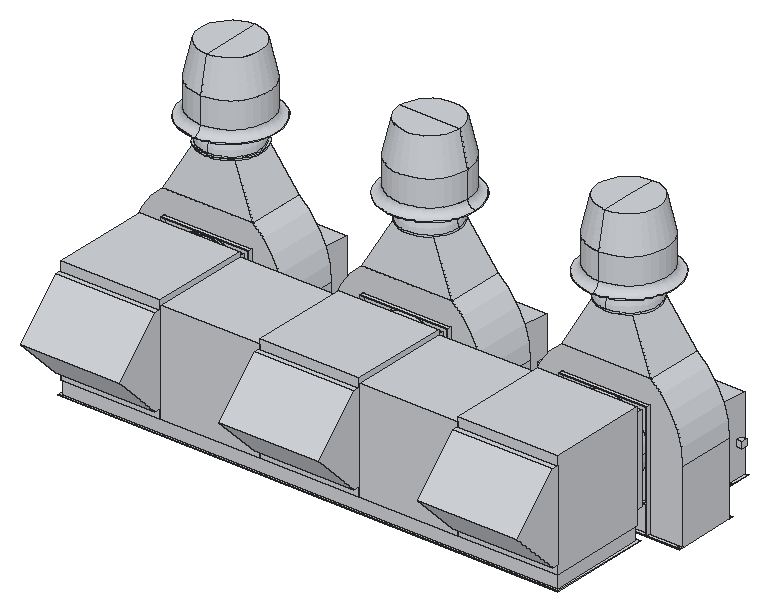
Revit family "Triple_CAVP_with_Mixing_Box", category Mechanical Equipment, Revit 2019 (continued)
Types (228): name | TRIP_Q | TRANSITION/2 | TRANSITION | RO2/2 | RO/2 | MB_P+MB_P+.5 | E/52*30 | E/2-H/2 | E-N-N-H | E-(NOZZLE_RAD/3*2) | TRIP_Q-4.5" | DUAL_Q+.25" | DUAL_Q | R-((B/2)+1.5") | R+((B/2)+1.5") | R*1.1 | R | MB_P-4.5" | MB_P+.25" | P | NOZZLE_WB_RAD-2" | NOZZLE_WB_RAD | NOZZLE_WB_OD | NOZZLE_WB/4 | NOZZLE_TOP_RAD | NOZZLE_TOP_OD | NOZZLE_SIZE | NOZZLE_HEIGHT/7*2 | NOZZLE_HEIGHT | NOZZLE_BOTTOM_RAD-3*2 | NOZZLE_BOTTOM_RAD | NOZZLE_BOTTOM_ID | MB_N-(D-J-K-L) | N+(H/2) | N | MB_Q | MB_P | MB_N | MB_HEIGHT/2 | MB_HEIGHT | MB_F | MB_A | M-(2*(D-L-K-J)) | M | L | K | J+K+L | J | HEIGHT | H/2 | H | F/2 | MB_F-3" | F | E/52*15 | E/2 | E | D-M | D-L-K-J | D | CLASS | C/2 | C | B/4 | B/2 | B | A/2 | A | Type Comments | -MB_P-.25 | -MB_P | -MB_HEIGHT | -(F-((F-H)/2))/2 | -((MB_Q / 2) + 1/8") | (NOZZLE_WB_OD - NOZZLE_TOP_OD) / 4 | (NOZZLE_HEIGHT - (NOZZLE_HEIGHT / 8 * 2)) / 2 | (MB_Q/2)+.125" | (MB_P/2-.125")-((F / 2) - 2") | (MB_P/2-.125")+((F / 2) - 2") | (MB_P/2)+.125" | (M - (2 * (D - L - K - J)))/2 | (F-((F-H)/2))/2 | (E/2)-(E/52*15) | (E/2)-((MB_P/2)+.125") | (E/2)-((B/2)+1.5") | (D-J-K-L)*2 | (B/2)-.125" | (B/2)+1.5" | ((M - (2 * (D - L - K - J))) / 2) + (TRANSITION / 2)
  Triple_210_CAVP-15H_CLASS_1_With_Mixing_Box | 185 3/4" | 7.5572" | 15.11441" | 90 5/8" | 16 1/4" | 74 1/2" | 26.10577" | 9 9/16" | 2" | 15 1/2" | 181 1/4" | 111 5/8" | 111 3/8" | 9 25/32" | 38 23/32" | 26.675" | 24 1/4" | 32 1/2" | 37 1/4" | 60" | 16" | 18" | 36" | 7.2" | 11 1/2" | 23" | 15" | 10 3/4" | 43" | 4 11/16" | 10 11/16" | 21 3/8" | 13 3/16" | 20 5/8" | 7 9/16" | 37" | 37" | 14 3/16" | 20 7/8" | 41 3/4" | 6 1/2" | 114 1/2" | 16 5/16" | 18 5/16" | 20 5/16" | 15 1/8" | 43 15/16" | 8 1/2" | 44.01068" | 13 1/16" | 26 1/8" | 14 1/16" | 3 1/2" | 28 1/8" | 13.05288" | 22 5/8" | 45 1/4" | 26 5/8" | 1" | 44 15/16" | 1" | 28 3/8" | 56 3/4" | 6 31/64" | 12 31/32" | 25 15/16" | 49 5/8" | 99 1/4" | "Triple Vari-Plume Laboratory Exhaust Centrifugal Airfoil Class 1 Arr 10 With Mixing Box" | -37 1/4" | -37" | -41 3/4" | -12 1/16" | -18 5/8" | 3 1/4" | 16 1/8" | 18 5/8" | -6 5/16" | -30 7/16" | 18 5/8" | 8 5/32" | 12 1/16" | 9.57212" | 4" | 8 5/32" | 2" | 12 27/32" | 14 15/32" | 15.71345"
  Triple_210_CAVP-15L_CLASS_1_With_Mixing_Box | 185 3/4" | 7.5572" | 15.11441" | 90 5/8" | 16 1/4" | 74 1/2" | 26.10577" | 9 9/16" | 2" | 15 1/2" | 181 1/4" | 111 5/8" | 111 3/8" | 9 25/32" | 38 23/32" | 26.675" | 24 1/4" | 32 1/2" | 37 1/4" | 60" | 16" | 18" | 36" | 7.2" | 11 1/2" | 23" | 15" | 10 3/4" | 43" | 4 11/16" | 10 11/16" | 21 3/8" | 13 3/16" | 20 5/8" | 7 9/16" | 37" | 37" | 14 3/16" | 20 7/8" | 41 3/4" | 6 1/2" | 114 1/2" | 16 5/16" | 18 5/16" | 20 5/16" | 15 1/8" | 43 15/16" | 8 1/2" | 44.01068" | 13 1/16" | 26 1/8" | 14 1/16" | 3 1/2" | 28 1/8" | 13.05288" | 22 5/8" | 45 1/4" | 26 5/8" | 1" | 44 15/16" | 1" | 28 3/8" | 56 3/4" | 6 31/64" | 12 31/32" | 25 15/16" | 49 5/8" | 99 1/4" | "Triple Vari-Plume Laboratory Exhaust Centrifugal Airfoil Class 1 Arr 10 With Mixing Box" | -37 1/4" | -37" | -41 3/4" | -12 1/16" | -18 5/8" | 3 1/4" | 16 1/8" | 18 5/8" | -6 5/16" | -30 7/16" | 18 5/8" | 8 5/32" | 12 1/16" | 9.57212" | 4" | 8 5/32" | 2" | 12 27/32" | 14 15/32" | 15.71345"
  Triple_210_CAVP-15L_CLASS_2_With_Mixing_Box | 185 3/4" | 7.5572" | 15.11441" | 90 5/8" | 16 1/4" | 74 1/2" | 26.10577" | 9 9/16" | 2" | 15 1/2" | 181 1/4" | 111 5/8" | 111 3/8" | 9 25/32" | 38 23/32" | 26.675" | 24 1/4" | 32 1/2" | 37 1/4" | 60" | 16" | 18" | 36" | 7.2" | 11 1/2" | 23" | 15" | 10 3/4" | 43" | 4 11/16" | 10 11/16" | 21 3/8" | 13 3/16" | 20 5/8" | 7 9/16" | 37" | 37" | 14 3/16" | 20 7/8" | 41 3/4" | 6 1/2" | 118 1/2" | 16 5/16" | 18 5/16" | 20 5/16" | 15 1/8" | 43 15/16" | 8 1/2" | 44.01068" | 13 1/16" | 26 1/8" | 14 1/16" | 3 1/2" | 28 1/8" | 13.05288" | 22 5/8" | 45 1/4" | 26 5/8" | 1" | 44 15/16" | 2" | 28 3/8" | 56 3/4" | 6 31/64" | 12 31/32" | 25 15/16" | 49 5/8" | 99 1/4" | "Triple Vari-Plume Laboratory Exhaust Centrifugal Airfoil Class 2 Arr 10 With Mixing Box" | -37 1/4" | -37" | -41 3/4" | -12 1/16" | -18 5/8" | 3 1/4" | 16 1/8" | 18 5/8" | -6 5/16" | -30 7/16" | 18 5/8" | 8 5/32" | 12 1/16" | 9.57212" | 4" | 8 5/32" | 2" | 12 27/32" | 14 15/32" | 15.71345"
  Triple_210_CAVP-15H_CLASS_2_With_Mixing_Box | 185 3/4" | 7.5572" | 15.11441" | 90 5/8" | 16 1/4" | 74 1/2" | 26.10577" | 9 9/16" | 2" | 15 1/2" | 181 1/4" | 111 5/8" | 111 3/8" | 9 25/32" | 38 23/32" | 26.675" | 24 1/4" | 32 1/2" | 37 1/4" | 60" | 16" | 18" | 36" | 7.2" | 11 1/2" | 23" | 15" | 10 3/4" | 43" | 4 11/16" | 10 11/16" | 21 3/8" | 13 3/16" | 20 5/8" | 7 9/16" | 37" | 37" | 14 3/16" | 20 7/8" | 41 3/4" | 6 1/2" | 118 1/2" | 16 5/16" | 18 5/16" | 20 5/16" | 15 1/8" | 43 15/16" | 8 1/2" | 44.01068" | 13 1/16" | 26 1/8" | 14 1/16" | 3 1/2" | 28 1/8" | 13.05288" | 22 5/8" | 45 1/4" | 26 5/8" | 1" | 44 15/16" | 2" | 28 3/8" | 56 3/4" | 6 31/64" | 12 31/32" | 25 15/16" | 49 5/8" | 99 1/4" | "Triple Vari-Plume Laboratory Exhaust Centrifugal Airfoil Class 2 Arr 10 With Mixing Box" | -37 1/4" | -37" | -41 3/4" | -12 1/16" | -18 5/8" | 3 1/4" | 16 1/8" | 18 5/8" | -6 5/16" | -30 7/16" | 18 5/8" | 8 5/32" | 12 1/16" | 9.57212" | 4" | 8 5/32" | 2" | 12 27/32" | 14 15/32" | 15.71345"
  Triple_210_CAVP-12L_CLASS_2_With_Mixing_Box | 185 3/4" | 6.0325" | 12.06501" | 90 5/8" | 16 1/4" | 74 1/2" | 26.10577" | 9 9/16" | 2" | 16 15/16" | 181 1/4" | 111 5/8" | 111 3/8" | 9 25/32" | 38 23/32" | 26.675" | 24 1/4" | 32 1/2" | 37 1/4" | 60" | 12" | 14" | 28" | 5.6" | 9 3/4" | 19 1/2" | 12" | 8" | 32" | 2 17/32" | 8 17/32" | 17 1/16" | 13 3/16" | 20 5/8" | 7 9/16" | 37" | 37" | 14 3/16" | 20 7/8" | 41 3/4" | 6 1/2" | 118 1/2" | 16 5/16" | 18 5/16" | 20 5/16" | 15 1/8" | 43 15/16" | 8 1/2" | 44.01068" | 13 1/16" | 26 1/8" | 14 1/16" | 3 1/2" | 28 1/8" | 13.05288" | 22 5/8" | 45 1/4" | 26 5/8" | 1" | 44 15/16" | 2" | 28 3/8" | 56 3/4" | 6 31/64" | 12 31/32" | 25 15/16" | 49 5/8" | 99 1/4" | "Triple Vari-Plume Laboratory Exhaust Centrifugal Airfoil Class 2 Arr 10 With Mixing Box" | -37 1/4" | -37" | -41 3/4" | -12 1/16" | -18 5/8" | 2 1/8" | 12" | 18 5/8" | -6 5/16" | -30 7/16" | 18 5/8" | 8 5/32" | 12 1/16" | 9.57212" | 4" | 8 5/32" | 2" | 12 27/32" | 14 15/32" | 14.18875"
  Triple_210_CAVP-12H_CLASS_2_With_Mixing_Box | 185 3/4" | 6.0325" | 12.06501" | 90 5/8" | 16 1/4" | 74 1/2" | 26.10577" | 9 9/16" | 2" | 16 15/16" | 181 1/4" | 111 5/8" | 111 3/8" | 9 25/32" | 38 23/32" | 26.675" | 24 1/4" | 32 1/2" | 37 1/4" | 60" | 12" | 14" | 28" | 5.6" | 9 3/4" | 19 1/2" | 12" | 8" | 32" | 2 17/32" | 8 17/32" | 17 1/16" | 13 3/16" | 20 5/8" | 7 9/16" | 37" | 37" | 14 3/16" | 20 7/8" | 41 3/4" | 6 1/2" | 118 1/2" | 16 5/16" | 18 5/16" | 20 5/16" | 15 1/8" | 43 15/16" | 8 1/2" | 44.01068" | 13 1/16" | 26 1/8" | 14 1/16" | 3 1/2" | 28 1/8" | 13.05288" | 22 5/8" | 45 1/4" | 26 5/8" | 1" | 44 15/16" | 2" | 28 3/8" | 56 3/4" | 6 31/64" | 12 31/32" | 25 15/16" | 49 5/8" | 99 1/4" | "Triple Vari-Plume Laboratory Exhaust Centrifugal Airfoil Class 2 Arr 10 With Mixing Box" | -37 1/4" | -37" | -41 3/4" | -12 1/16" | -18 5/8" | 2 1/8" | 12" | 18 5/8" | -6 5/16" | -30 7/16" | 18 5/8" | 8 5/32" | 12 1/16" | 9.57212" | 4" | 8 5/32" | 2" | 12 27/32" | 14 15/32" | 14.18875"
  Triple_225_CAVP-12H_CLASS_1_With_Mixing_Box | 190 3/4" | 6.0325" | 12.06501" | 93 1/8" | 16 3/4" | 76 1/2" | 27.8726" | 10 11/32" | 2" | 18 15/32" | 186 1/4" | 114 5/8" | 114 3/8" | 9 1/32" | 39 15/32" | 26.675" | 24 1/4" | 33 1/2" | 38 1/4" | 60" | 12" | 14" | 28" | 5.6" | 9 3/4" | 19 1/2" | 12" | 8" | 32" | 2 17/32" | 8 17/32" | 17 1/16" | 13 3/16" | 22 5/32" | 8 11/32" | 38" | 38" | 14 3/16" | 21 5/8" | 43 1/4" | 5 3/4" | 117 5/8" | 17 7/16" | 19 7/16" | 21 7/16" | 15 1/8" | 45 1/16" | 8 1/2" | 45.34807" | 13 13/16" | 27 5/8" | 14 13/16" | 2 3/4" | 29 5/8" | 13.9363" | 24 5/32" | 48 5/16" | 26 5/8" | 1" | 46 1/16" | 1" | 29 19/32" | 59 3/16" | 6 55/64" | 13 23/32" | 27 7/16" | 53 11/32" | 106 11/16" | "Triple Vari-Plume Laboratory Exhaust Centrifugal Airfoil Class 1 Arr 10 With Mixing Box" | -38 1/4" | -38" | -43 1/4" | -12 13/16" | -19 1/8" | 2 1/8" | 12" | 19 1/8" | -6 1/16" | -31 11/16" | 19 1/8" | 8 23/32" | 12 13/16" | 10.21995" | 5 1/32" | 8 15/16" | 2" | 13 19/32" | 15 7/32" | 14.75125"
  Triple_225_CAVP-12L_CLASS_1_With_Mixing_Box | 190 3/4" | 6.0325" | 12.06501" | 93 1/8" | 16 3/4" | 76 1/2" | 27.8726" | 10 11/32" | 2" | 18 15/32" | 186 1/4" | 114 5/8" | 114 3/8" | 9 1/32" | 39 15/32" | 26.675" | 24 1/4" | 33 1/2" | 38 1/4" | 60" | 12" | 14" | 28" | 5.6" | 9 3/4" | 19 1/2" | 12" | 8" | 32" | 2 17/32" | 8 17/32" | 17 1/16" | 13 3/16" | 22 5/32" | 8 11/32" | 38" | 38" | 14 3/16" | 21 5/8" | 43 1/4" | 5 3/4" | 117 5/8" | 17 7/16" | 19 7/16" | 21 7/16" | 15 1/8" | 45 1/16" | 8 1/2" | 45.34807" | 13 13/16" | 27 5/8" | 14 13/16" | 2 3/4" | 29 5/8" | 13.9363" | 24 5/32" | 48 5/16" | 26 5/8" | 1" | 46 1/16" | 1" | 29 19/32" | 59 3/16" | 6 55/64" | 13 23/32" | 27 7/16" | 53 11/32" | 106 11/16" | "Triple Vari-Plume Laboratory Exhaust Centrifugal Airfoil Class 1 Arr 10 With Mixing Box" | -38 1/4" | -38" | -43 1/4" | -12 13/16" | -19 1/8" | 2 1/8" | 12" | 19 1/8" | -6 1/16" | -31 11/16" | 19 1/8" | 8 23/32" | 12 13/16" | 10.21995" | 5 1/32" | 8 15/16" | 2" | 13 19/32" | 15 7/32" | 14.75125"
  Triple_225_CAVP-15L_CLASS_1_With_Mixing_Box | 190 3/4" | 7.5572" | 15.11441" | 93 1/8" | 16 3/4" | 76 1/2" | 27.8726" | 10 11/32" | 2" | 17 1/32" | 186 1/4" | 114 5/8" | 114 3/8" | 9 1/32" | 39 15/32" | 26.675" | 24 1/4" | 33 1/2" | 38 1/4" | 60" | 16" | 18" | 36" | 7.2" | 11 1/2" | 23" | 15" | 10 3/4" | 43" | 4 11/16" | 10 11/16" | 21 3/8" | 13 3/16" | 22 5/32" | 8 11/32" | 38" | 38" | 14 3/16" | 21 5/8" | 43 1/4" | 5 3/4" | 117 5/8" | 17 7/16" | 19 7/16" | 21 7/16" | 15 1/8" | 45 1/16" | 8 1/2" | 45.34807" | 13 13/16" | 27 5/8" | 14 13/16" | 2 3/4" | 29 5/8" | 13.9363" | 24 5/32" | 48 5/16" | 26 5/8" | 1" | 46 1/16" | 1" | 29 19/32" | 59 3/16" | 6 55/64" | 13 23/32" | 27 7/16" | 53 11/32" | 106 11/16" | "Triple Vari-Plume Laboratory Exhaust Centrifugal Airfoil Class 1 Arr 10 With Mixing Box" | -38 1/4" | -38" | -43 1/4" | -12 13/16" | -19 1/8" | 3 1/4" | 16 1/8" | 19 1/8" | -6 1/16" | -31 11/16" | 19 1/8" | 8 23/32" | 12 13/16" | 10.21995" | 5 1/32" | 8 15/16" | 2" | 13 19/32" | 15 7/32" | 16.27595"
  Triple_225_CAVP-18H_CLASS_1_With_Mixing_Box | 190 3/4" | 9.05981" | 18.11961" | 93 1/8" | 16 3/4" | 76 1/2" | 27.8726" | 10 11/32" | 2" | 15.61458" | 186 1/4" | 114 5/8" | 114 3/8" | 9 1/32" | 39 15/32" | 26.675" | 24 1/4" | 33 1/2" | 38 1/4" | 60" | 19 1/2" | 21 1/2" | 43" | 8.6" | 13 3/4" | 27 1/2" | 18" | 12" | 48" | 6 13/16" | 12 13/16" | 25 5/8" | 13 3/16" | 22 5/32" | 8 11/32" | 38" | 38" | 14 3/16" | 21 5/8" | 43 1/4" | 5 3/4" | 117 5/8" | 17 7/16" | 19 7/16" | 21 7/16" | 15 1/8" | 45 1/16" | 8 1/2" | 45.34807" | 13 13/16" | 27 5/8" | 14 13/16" | 2 3/4" | 29 5/8" | 13.9363" | 24 5/32" | 48 5/16" | 26 5/8" | 1" | 46 1/16" | 1" | 29 19/32" | 59 3/16" | 6 55/64" | 13 23/32" | 27 7/16" | 53 11/32" | 106 11/16" | "Triple Vari-Plume Laboratory Exhaust Centrifugal Airfoil Class 1 Arr 10 With Mixing Box" | -38 1/4" | -38" | -43 1/4" | -12 13/16" | -19 1/8" | 3 7/8" | 18" | 19 1/8" | -6 1/16" | -31 11/16" | 19 1/8" | 8 23/32" | 12 13/16" | 10.21995" | 5 1/32" | 8 15/16" | 2" | 13 19/32" | 15 7/32" | 17.77856"
  Triple_225_CAVP-18L_CLASS_1_With_Mixing_Box | 190 3/4" | 9.05981" | 18.11961" | 93 1/8" | 16 3/4" | 76 1/2" | 27.8726" | 10 11/32" | 2" | 15.61458" | 186 1/4" | 114 5/8" | 114 3/8" | 9 1/32" | 39 15/32" | 26.675" | 24 1/4" | 33 1/2" | 38 1/4" | 60" | 19 1/2" | 21 1/2" | 43" | 8.6" | 13 3/4" | 27 1/2" | 18" | 12" | 48" | 6 13/16" | 12 13/16" | 25 5/8" | 13 3/16" | 22 5/32" | 8 11/32" | 38" | 38" | 14 3/16" | 21 5/8" | 43 1/4" | 5 3/4" | 117 5/8" | 17 7/16" | 19 7/16" | 21 7/16" | 15 1/8" | 45 1/16" | 8 1/2" | 45.34807" | 13 13/16" | 27 5/8" | 14 13/16" | 2 3/4" | 29 5/8" | 13.9363" | 24 5/32" | 48 5/16" | 26 5/8" | 1" | 46 1/16" | 1" | 29 19/32" | 59 3/16" | 6 55/64" | 13 23/32" | 27 7/16" | 53 11/32" | 106 11/16" | "Triple Vari-Plume Laboratory Exhaust Centrifugal Airfoil Class 1 Arr 10 With Mixing Box" | -38 1/4" | -38" | -43 1/4" | -12 13/16" | -19 1/8" | 3 7/8" | 18" | 19 1/8" | -6 1/16" | -31 11/16" | 19 1/8" | 8 23/32" | 12 13/16" | 10.21995" | 5 1/32" | 8 15/16" | 2" | 13 19/32" | 15 7/32" | 17.77856"
  Triple_225_CAVP-18H_CLASS_2_With_Mixing_Box | 190 3/4" | 9.05981" | 18.11961" | 93 1/8" | 16 3/4" | 76 1/2" | 27.8726" | 10 11/32" | 1 27/32" | 15.61458" | 186 1/4" | 114 5/8" | 114 3/8" | 9 1/32" | 39 15/32" | 26.675" | 24 1/4" | 33 1/2" | 38 1/4" | 60" | 19 1/2" | 21 1/2" | 43" | 8.6" | 13 3/4" | 27 1/2" | 18" | 12" | 48" | 6 13/16" | 12 13/16" | 25 5/8" | 13 3/16" | 22 5/16" | 8 1/2" | 38" | 38" | 14 3/16" | 21 5/8" | 43 1/4" | 5 3/4" | 121 5/8" | 17 7/16" | 19 7/16" | 21 7/16" | 19 3/8" | 49 1/16" | 8 1/4" | 45.34807" | 13 13/16" | 27 5/8" | 14 13/16" | 2 3/4" | 29 5/8" | 13.9363" | 24 5/32" | 48 5/16" | 30 5/8" | 1" | 50 1/16" | 2" | 29 19/32" | 59 3/16" | 6 55/64" | 13 23/32" | 27 7/16" | 53 11/32" | 106 11/16" | "Triple Vari-Plume Laboratory Exhaust Centrifugal Airfoil Class 2 Arr 10 With Mixing Box" | -38 1/4" | -38" | -43 1/4" | -12 13/16" | -19 1/8" | 3 7/8" | 18" | 19 1/8" | -6 1/16" | -31 11/16" | 19 1/8" | 8 23/32" | 12 13/16" | 10.21995" | 5 1/32" | 8 15/16" | 2" | 13 19/32" | 15 7/32" | 17.77856"
  Triple_225_CAVP-18L_CLASS_2_With_Mixing_Box | 190 3/4" | 9.05981" | 18.11961" | 93 1/8" | 16 3/4" | 76 1/2" | 27.8726" | 10 11/32" | 1 27/32" | 15.61458" | 186 1/4" | 114 5/8" | 114 3/8" | 9 1/32" | 39 15/32" | 26.675" | 24 1/4" | 33 1/2" | 38 1/4" | 60" | 19 1/2" | 21 1/2" | 43" | 8.6" | 13 3/4" | 27 1/2" | 18" | 12" | 48" | 6 13/16" | 12 13/16" | 25 5/8" | 13 3/16" | 22 5/16" | 8 1/2" | 38" | 38" | 14 3/16" | 21 5/8" | 43 1/4" | 5 3/4" | 121 5/8" | 17 7/16" | 19 7/16" | 21 7/16" | 19 3/8" | 49 1/16" | 8 1/4" | 45.34807" | 13 13/16" | 27 5/8" | 14 13/16" | 2 3/4" | 29 5/8" | 13.9363" | 24 5/32" | 48 5/16" | 30 5/8" | 1" | 50 1/16" | 2" | 29 19/32" | 59 3/16" | 6 55/64" | 13 23/32" | 27 7/16" | 53 11/32" | 106 11/16" | "Triple Vari-Plume Laboratory Exhaust Centrifugal Airfoil Class 2 Arr 10 With Mixing Box" | -38 1/4" | -38" | -43 1/4" | -12 13/16" | -19 1/8" | 3 7/8" | 18" | 19 1/8" | -6 1/16" | -31 11/16" | 19 1/8" | 8 23/32" | 12 13/16" | 10.21995" | 5 1/32" | 8 15/16" | 2" | 13 19/32" | 15 7/32" | 17.77856"
  Triple_225_CAVP-15H_CLASS_2_With_Mixing_Box | 190 3/4" | 7.5572" | 15.11441" | 93 1/8" | 16 3/4" | 76 1/2" | 27.8726" | 10 11/32" | 1 27/32" | 17 1/32" | 186 1/4" | 114 5/8" | 114 3/8" | 9 1/32" | 39 15/32" | 26.675" | 24 1/4" | 33 1/2" | 38 1/4" | 60" | 16" | 18" | 36" | 7.2" | 11 1/2" | 23" | 15" | 10 3/4" | 43" | 4 11/16" | 10 11/16" | 21 3/8" | 13 3/16" | 22 5/16" | 8 1/2" | 38" | 38" | 14 3/16" | 21 5/8" | 43 1/4" | 5 3/4" | 121 5/8" | 17 7/16" | 19 7/16" | 21 7/16" | 19 3/8" | 49 1/16" | 8 1/4" | 45.34807" | 13 13/16" | 27 5/8" | 14 13/16" | 2 3/4" | 29 5/8" | 13.9363" | 24 5/32" | 48 5/16" | 30 5/8" | 1" | 50 1/16" | 2" | 29 19/32" | 59 3/16" | 6 55/64" | 13 23/32" | 27 7/16" | 53 11/32" | 106 11/16" | "Triple Vari-Plume Laboratory Exhaust Centrifugal Airfoil Class 2 Arr 10 With Mixing Box" | -38 1/4" | -38" | -43 1/4" | -12 13/16" | -19 1/8" | 3 1/4" | 16 1/8" | 19 1/8" | -6 1/16" | -31 11/16" | 19 1/8" | 8 23/32" | 12 13/16" | 10.21995" | 5 1/32" | 8 15/16" | 2" | 13 19/32" | 15 7/32" | 16.27595"
  Triple_225_CAVP-15L_CLASS_2_With_Mixing_Box | 190 3/4" | 7.5572" | 15.11441" | 93 1/8" | 16 3/4" | 76 1/2" | 27.8726" | 10 11/32" | 1 27/32" | 17 1/32" | 186 1/4" | 114 5/8" | 114 3/8" | 9 1/32" | 39 15/32" | 26.675" | 24 1/4" | 33 1/2" | 38 1/4" | 60" | 16" | 18" | 36" | 7.2" | 11 1/2" | 23" | 15" | 10 3/4" | 43" | 4 11/16" | 10 11/16" | 21 3/8" | 13 3/16" | 22 5/16" | 8 1/2" | 38" | 38" | 14 3/16" | 21 5/8" | 43 1/4" | 5 3/4" | 121 5/8" | 17 7/16" | 19 7/16" | 21 7/16" | 19 3/8" | 49 1/16" | 8 1/4" | 45.34807" | 13 13/16" | 27 5/8" | 14 13/16" | 2 3/4" | 29 5/8" | 13.9363" | 24 5/32" | 48 5/16" | 30 5/8" | 1" | 50 1/16" | 2" | 29 19/32" | 59 3/16" | 6 55/64" | 13 23/32" | 27 7/16" | 53 11/32" | 106 11/16" | "Triple Vari-Plume Laboratory Exhaust Centrifugal Airfoil Class 2 Arr 10 With Mixing Box" | -38 1/4" | -38" | -43 1/4" | -12 13/16" | -19 1/8" | 3 1/4" | 16 1/8" | 19 1/8" | -6 1/16" | -31 11/16" | 19 1/8" | 8 23/32" | 12 13/16" | 10.21995" | 5 1/32" | 8 15/16" | 2" | 13 19/32" | 15 7/32" | 16.27595"
  Triple_225_CAVP-12H_CLASS_2_With_Mixing_Box | 190 3/4" | 6.0325" | 12.06501" | 93 1/8" | 16 3/4" | 76 1/2" | 27.8726" | 10 11/32" | 1 27/32" | 18 15/32" | 186 1/4" | 114 5/8" | 114 3/8" | 9 1/32" | 39 15/32" | 26.675" | 24 1/4" | 33 1/2" | 38 1/4" | 60" | 12" | 14" | 28" | 5.6" | 9 3/4" | 19 1/2" | 12" | 8" | 32" | 2 17/32" | 8 17/32" | 17 1/16" | 13 3/16" | 22 5/16" | 8 1/2" | 38" | 38" | 14 3/16" | 21 5/8" | 43 1/4" | 5 3/4" | 121 5/8" | 17 7/16" | 19 7/16" | 21 7/16" | 19 3/8" | 49 1/16" | 8 1/4" | 45.34807" | 13 13/16" | 27 5/8" | 14 13/16" | 2 3/4" | 29 5/8" | 13.9363" | 24 5/32" | 48 5/16" | 30 5/8" | 1" | 50 1/16" | 2" | 29 19/32" | 59 3/16" | 6 55/64" | 13 23/32" | 27 7/16" | 53 11/32" | 106 11/16" | "Triple Vari-Plume Laboratory Exhaust Centrifugal Airfoil Class 2 Arr 10 With Mixing Box" | -38 1/4" | -38" | -43 1/4" | -12 13/16" | -19 1/8" | 2 1/8" | 12" | 19 1/8" | -6 1/16" | -31 11/16" | 19 1/8" | 8 23/32" | 12 13/16" | 10.21995" | 5 1/32" | 8 15/16" | 2" | 13 19/32" | 15 7/32" | 14.75125"
  Triple_225_CAVP-12L_CLASS_2_With_Mixing_Box | 190 3/4" | 6.0325" | 12.06501" | 93 1/8" | 16 3/4" | 76 1/2" | 27.8726" | 10 11/32" | 1 27/32" | 18 15/32" | 186 1/4" | 114 5/8" | 114 3/8" | 9 1/32" | 39 15/32" | 26.675" | 24 1/4" | 33 1/2" | 38 1/4" | 60" | 12" | 14" | 28" | 5.6" | 9 3/4" | 19 1/2" | 12" | 8" | 32" | 2 17/32" | 8 17/32" | 17 1/16" | 13 3/16" | 22 5/16" | 8 1/2" | 38" | 38" | 14 3/16" | 21 5/8" | 43 1/4" | 5 3/4" | 121 5/8" | 17 7/16" | 19 7/16" | 21 7/16" | 19 3/8" | 49 1/16" | 8 1/4" | 45.34807" | 13 13/16" | 27 5/8" | 14 13/16" | 2 3/4" | 29 5/8" | 13.9363" | 24 5/32" | 48 5/16" | 30 5/8" | 1" | 50 1/16" | 2" | 29 19/32" | 59 3/16" | 6 55/64" | 13 23/32" | 27 7/16" | 53 11/32" | 106 11/16" | "Triple Vari-Plume Laboratory Exhaust Centrifugal Airfoil Class 2 Arr 10 With Mixing Box" | -38 1/4" | -38" | -43 1/4" | -12 13/16" | -19 1/8" | 2 1/8" | 12" | 19 1/8" | -6 1/16" | -31 11/16" | 19 1/8" | 8 23/32" | 12 13/16" | 10.21995" | 5 1/32" | 8 15/16" | 2" | 13 19/32" | 15 7/32" | 14.75125"
  Triple_245_CAVP-12L_CLASS_1_With_Mixing_Box | 200 3/4" | 6.0325" | 12.06501" | 98 1/8" | 17 3/4" | 80 1/2" | 30.2524" | 11 13/32" | 2" | 20 17/32" | 196 1/4" | 120 5/8" | 120 3/8" | 10 25/32" | 43 7/32" | 29.7" | 27" | 35 1/2" | 40 1/4" | 60" | 12" | 14" | 28" | 5.6" | 9 3/4" | 19 1/2" | 12" | 8" | 32" | 2 17/32" | 8 17/32" | 17 1/16" | 13 3/16" | 24 7/32" | 9 13/32" | 40" | 40" | 14 3/16" | 22 5/8" | 45 1/4" | 7 1/2" | 124 15/16" | 19" | 21" | 23" | 16 7/8" | 48 7/8" | 9" | 49.89946" | 14 13/16" | 29 5/8" | 15 13/16" | 4 1/2" | 31 5/8" | 15.1262" | 26 7/32" | 52 7/16" | 28 7/8" | 1" | 49 7/8" | 1" | 32 3/8" | 64 3/4" | 7 23/64" | 14 23/32" | 29 7/16" | 56 1/8" | 112 1/4" | "Triple Vari-Plume Laboratory Exhaust Centrifugal Airfoil Class 1 Arr 10 With Mixing Box" | -40 1/4" | -40" | -45 1/4" | -13 13/16" | -20 1/8" | 2 1/8" | 12" | 20 1/8" | -6 1/16" | -33 11/16" | 20 1/8" | 9 1/2" | 13 13/16" | 11.09255" | 6 3/32" | 10" | 2" | 14 19/32" | 16 7/32" | 15.5325"
  Triple_245_CAVP-12H_CLASS_1_With_Mixing_Box | 200 3/4" | 6.0325" | 12.06501" | 98 1/8" | 17 3/4" | 80 1/2" | 30.2524" | 11 13/32" | 2" | 20 17/32" | 196 1/4" | 120 5/8" | 120 3/8" | 10 25/32" | 43 7/32" | 29.7" | 27" | 35 1/2" | 40 1/4" | 60" | 12" | 14" | 28" | 5.6" | 9 3/4" | 19 1/2" | 12" | 8" | 32" | 2 17/32" | 8 17/32" | 17 1/16" | 13 3/16" | 24 7/32" | 9 13/32" | 40" | 40" | 14 3/16" | 22 5/8" | 45 1/4" | 7 1/2" | 124 15/16" | 19" | 21" | 23" | 16 7/8" | 48 7/8" | 9" | 49.89946" | 14 13/16" | 29 5/8" | 15 13/16" | 4 1/2" | 31 5/8" | 15.1262" | 26 7/32" | 52 7/16" | 28 7/8" | 1" | 49 7/8" | 1" | 32 3/8" | 64 3/4" | 7 23/64" | 14 23/32" | 29 7/16" | 56 1/8" | 112 1/4" | "Triple Vari-Plume Laboratory Exhaust Centrifugal Airfoil Class 1 Arr 10 With Mixing Box" | -40 1/4" | -40" | -45 1/4" | -13 13/16" | -20 1/8" | 2 1/8" | 12" | 20 1/8" | -6 1/16" | -33 11/16" | 20 1/8" | 9 1/2" | 13 13/16" | 11.09255" | 6 3/32" | 10" | 2" | 14 19/32" | 16 7/32" | 15.5325"
  Triple_245_CAVP-15L_CLASS_1_With_Mixing_Box | 200 3/4" | 7.5572" | 15.11441" | 98 1/8" | 17 3/4" | 80 1/2" | 30.2524" | 11 13/32" | 2" | 19 3/32" | 196 1/4" | 120 5/8" | 120 3/8" | 10 25/32" | 43 7/32" | 29.7" | 27" | 35 1/2" | 40 1/4" | 60" | 16" | 18" | 36" | 7.2" | 11 1/2" | 23" | 15" | 10 3/4" | 43" | 4 11/16" | 10 11/16" | 21 3/8" | 13 3/16" | 24 7/32" | 9 13/32" | 40" | 40" | 14 3/16" | 22 5/8" | 45 1/4" | 7 1/2" | 124 15/16" | 19" | 21" | 23" | 16 7/8" | 48 7/8" | 9" | 49.89946" | 14 13/16" | 29 5/8" | 15 13/16" | 4 1/2" | 31 5/8" | 15.1262" | 26 7/32" | 52 7/16" | 28 7/8" | 1" | 49 7/8" | 1" | 32 3/8" | 64 3/4" | 7 23/64" | 14 23/32" | 29 7/16" | 56 1/8" | 112 1/4" | "Triple Vari-Plume Laboratory Exhaust Centrifugal Airfoil Class 1 Arr 10 With Mixing Box" | -40 1/4" | -40" | -45 1/4" | -13 13/16" | -20 1/8" | 3 1/4" | 16 1/8" | 20 1/8" | -6 1/16" | -33 11/16" | 20 1/8" | 9 1/2" | 13 13/16" | 11.09255" | 6 3/32" | 10" | 2" | 14 19/32" | 16 7/32" | 17.0572"
  Triple_245_CAVP-15H_CLASS_1_With_Mixing_Box | 200 3/4" | 7.5572" | 15.11441" | 98 1/8" | 17 3/4" | 80 1/2" | 30.2524" | 11 13/32" | 2" | 19 3/32" | 196 1/4" | 120 5/8" | 120 3/8" | 10 25/32" | 43 7/32" | 29.7" | 27" | 35 1/2" | 40 1/4" | 60" | 16" | 18" | 36" | 7.2" | 11 1/2" | 23" | 15" | 10 3/4" | 43" | 4 11/16" | 10 11/16" | 21 3/8" | 13 3/16" | 24 7/32" | 9 13/32" | 40" | 40" | 14 3/16" | 22 5/8" | 45 1/4" | 7 1/2" | 124 15/16" | 19" | 21" | 23" | 16 7/8" | 48 7/8" | 9" | 49.89946" | 14 13/16" | 29 5/8" | 15 13/16" | 4 1/2" | 31 5/8" | 15.1262" | 26 7/32" | 52 7/16" | 28 7/8" | 1" | 49 7/8" | 1" | 32 3/8" | 64 3/4" | 7 23/64" | 14 23/32" | 29 7/16" | 56 1/8" | 112 1/4" | "Triple Vari-Plume Laboratory Exhaust Centrifugal Airfoil Class 1 Arr 10 With Mixing Box" | -40 1/4" | -40" | -45 1/4" | -13 13/16" | -20 1/8" | 3 1/4" | 16 1/8" | 20 1/8" | -6 1/16" | -33 11/16" | 20 1/8" | 9 1/2" | 13 13/16" | 11.09255" | 6 3/32" | 10" | 2" | 14 19/32" | 16 7/32" | 17.0572"
  Triple_245_CAVP-18L_CLASS_1_With_Mixing_Box | 200 3/4" | 9.05981" | 18.11961" | 98 1/8" | 17 3/4" | 80 1/2" | 30.2524" | 11 13/32" | 2" | 17.67708" | 196 1/4" | 120 5/8" | 120 3/8" | 10 25/32" | 43 7/32" | 29.7" | 27" | 35 1/2" | 40 1/4" | 60" | 19 1/2" | 21 1/2" | 43" | 8.6" | 13 3/4" | 27 1/2" | 18" | 12" | 48" | 6 13/16" | 12 13/16" | 25 5/8" | 13 3/16" | 24 7/32" | 9 13/32" | 40" | 40" | 14 3/16" | 22 5/8" | 45 1/4" | 7 1/2" | 124 15/16" | 19" | 21" | 23" | 16 7/8" | 48 7/8" | 9" | 49.89946" | 14 13/16" | 29 5/8" | 15 13/16" | 4 1/2" | 31 5/8" | 15.1262" | 26 7/32" | 52 7/16" | 28 7/8" | 1" | 49 7/8" | 1" | 32 3/8" | 64 3/4" | 7 23/64" | 14 23/32" | 29 7/16" | 56 1/8" | 112 1/4" | "Triple Vari-Plume Laboratory Exhaust Centrifugal Airfoil Class 1 Arr 10 With Mixing Box" | -40 1/4" | -40" | -45 1/4" | -13 13/16" | -20 1/8" | 3 7/8" | 18" | 20 1/8" | -6 1/16" | -33 11/16" | 20 1/8" | 9 1/2" | 13 13/16" | 11.09255" | 6 3/32" | 10" | 2" | 14 19/32" | 16 7/32" | 18.55981"
  Triple_245_CAVP-18H_CLASS_1_With_Mixing_Box | 200 3/4" | 9.05981" | 18.11961" | 98 1/8" | 17 3/4" | 80 1/2" | 30.2524" | 11 13/32" | 2" | 17.67708" | 196 1/4" | 120 5/8" | 120 3/8" | 10 25/32" | 43 7/32" | 29.7" | 27" | 35 1/2" | 40 1/4" | 60" | 19 1/2" | 21 1/2" | 43" | 8.6" | 13 3/4" | 27 1/2" | 18" | 12" | 48" | 6 13/16" | 12 13/16" | 25 5/8" | 13 3/16" | 24 7/32" | 9 13/32" | 40" | 40" | 14 3/16" | 22 5/8" | 45 1/4" | 7 1/2" | 124 15/16" | 19" | 21" | 23" | 16 7/8" | 48 7/8" | 9" | 49.89946" | 14 13/16" | 29 5/8" | 15 13/16" | 4 1/2" | 31 5/8" | 15.1262" | 26 7/32" | 52 7/16" | 28 7/8" | 1" | 49 7/8" | 1" | 32 3/8" | 64 3/4" | 7 23/64" | 14 23/32" | 29 7/16" | 56 1/8" | 112 1/4" | "Triple Vari-Plume Laboratory Exhaust Centrifugal Airfoil Class 1 Arr 10 With Mixing Box" | -40 1/4" | -40" | -45 1/4" | -13 13/16" | -20 1/8" | 3 7/8" | 18" | 20 1/8" | -6 1/16" | -33 11/16" | 20 1/8" | 9 1/2" | 13 13/16" | 11.09255" | 6 3/32" | 10" | 2" | 14 19/32" | 16 7/32" | 18.55981"
  Triple_245_CAVP-12L_CLASS_2_With_Mixing_Box | 200 3/4" | 6.0325" | 12.06501" | 98 1/8" | 17 3/4" | 80 1/2" | 30.2524" | 11 13/32" | 2" | 20 17/32" | 196 1/4" | 120 5/8" | 120 3/8" | 10 25/32" | 43 7/32" | 29.7" | 27" | 35 1/2" | 40 1/4" | 60" | 12" | 14" | 28" | 5.6" | 9 3/4" | 19 1/2" | 12" | 8" | 32" | 2 17/32" | 8 17/32" | 17 1/16" | 13 3/16" | 24 7/32" | 9 13/32" | 40" | 40" | 14 3/16" | 22 5/8" | 45 1/4" | 7 1/2" | 129 3/16" | 19" | 21" | 23" | 21 1/8" | 53 1/8" | 9" | 49.89946" | 14 13/16" | 29 5/8" | 15 13/16" | 4 1/2" | 31 5/8" | 15.1262" | 26 7/32" | 52 7/16" | 33 1/8" | 1" | 54 1/8" | 2" | 32 3/8" | 64 3/4" | 7 23/64" | 14 23/32" | 29 7/16" | 56 1/8" | 112 1/4" | "Triple Vari-Plume Laboratory Exhaust Centrifugal Airfoil Class 2 Arr 10 With Mixing Box" | -40 1/4" | -40" | -45 1/4" | -13 13/16" | -20 1/8" | 2 1/8" | 12" | 20 1/8" | -6 1/16" | -33 11/16" | 20 1/8" | 9 1/2" | 13 13/16" | 11.09255" | 6 3/32" | 10" | 2" | 14 19/32" | 16 7/32" | 15.5325"
  Triple_245_CAVP-12H_CLASS_2_With_Mixing_Box | 200 3/4" | 6.0325" | 12.06501" | 98 1/8" | 17 3/4" | 80 1/2" | 30.2524" | 11 13/32" | 2" | 20 17/32" | 196 1/4" | 120 5/8" | 120 3/8" | 10 25/32" | 43 7/32" | 29.7" | 27" | 35 1/2" | 40 1/4" | 60" | 12" | 14" | 28" | 5.6" | 9 3/4" | 19 1/2" | 12" | 8" | 32" | 2 17/32" | 8 17/32" | 17 1/16" | 13 3/16" | 24 7/32" | 9 13/32" | 40" | 40" | 14 3/16" | 22 5/8" | 45 1/4" | 7 1/2" | 129 3/16" | 19" | 21" | 23" | 21 1/8" | 53 1/8" | 9" | 49.89946" | 14 13/16" | 29 5/8" | 15 13/16" | 4 1/2" | 31 5/8" | 15.1262" | 26 7/32" | 52 7/16" | 33 1/8" | 1" | 54 1/8" | 2" | 32 3/8" | 64 3/4" | 7 23/64" | 14 23/32" | 29 7/16" | 56 1/8" | 112 1/4" | "Triple Vari-Plume Laboratory Exhaust Centrifugal Airfoil Class 2 Arr 10 With Mixing Box" | -40 1/4" | -40" | -45 1/4" | -13 13/16" | -20 1/8" | 2 1/8" | 12" | 20 1/8" | -6 1/16" | -33 11/16" | 20 1/8" | 9 1/2" | 13 13/16" | 11.09255" | 6 3/32" | 10" | 2" | 14 19/32" | 16 7/32" | 15.5325"
  Triple_245_CAVP-15L_CLASS_2_With_Mixing_Box | 200 3/4" | 7.5572" | 15.11441" | 98 1/8" | 17 3/4" | 80 1/2" | 30.2524" | 11 13/32" | 2" | 19 3/32" | 196 1/4" | 120 5/8" | 120 3/8" | 10 25/32" | 43 7/32" | 29.7" | 27" | 35 1/2" | 40 1/4" | 60" | 16" | 18" | 36" | 7.2" | 11 1/2" | 23" | 15" | 10 3/4" | 43" | 4 11/16" | 10 11/16" | 21 3/8" | 13 3/16" | 24 7/32" | 9 13/32" | 40" | 40" | 14 3/16" | 22 5/8" | 45 1/4" | 7 1/2" | 129 3/16" | 19" | 21" | 23" | 21 1/8" | 53 1/8" | 9" | 49.89946" | 14 13/16" | 29 5/8" | 15 13/16" | 4 1/2" | 31 5/8" | 15.1262" | 26 7/32" | 52 7/16" | 33 1/8" | 1" | 54 1/8" | 2" | 32 3/8" | 64 3/4" | 7 23/64" | 14 23/32" | 29 7/16" | 56 1/8" | 112 1/4" | "Triple Vari-Plume Laboratory Exhaust Centrifugal Airfoil Class 2 Arr 10 With Mixing Box" | -40 1/4" | -40" | -45 1/4" | -13 13/16" | -20 1/8" | 3 1/4" | 16 1/8" | 20 1/8" | -6 1/16" | -33 11/16" | 20 1/8" | 9 1/2" | 13 13/16" | 11.09255" | 6 3/32" | 10" | 2" | 14 19/32" | 16 7/32" | 17.0572"
  Triple_245_CAVP-15H_CLASS_2_With_Mixing_Box | 200 3/4" | 7.5572" | 15.11441" | 98 1/8" | 17 3/4" | 80 1/2" | 30.2524" | 11 13/32" | 2" | 19 3/32" | 196 1/4" | 120 5/8" | 120 3/8" | 10 25/32" | 43 7/32" | 29.7" | 27" | 35 1/2" | 40 1/4" | 60" | 16" | 18" | 36" | 7.2" | 11 1/2" | 23" | 15" | 10 3/4" | 43" | 4 11/16" | 10 11/16" | 21 3/8" | 13 3/16" | 24 7/32" | 9 13/32" | 40" | 40" | 14 3/16" | 22 5/8" | 45 1/4" | 7 1/2" | 129 3/16" | 19" | 21" | 23" | 21 1/8" | 53 1/8" | 9" | 49.89946" | 14 13/16" | 29 5/8" | 15 13/16" | 4 1/2" | 31 5/8" | 15.1262" | 26 7/32" | 52 7/16" | 33 1/8" | 1" | 54 1/8" | 2" | 32 3/8" | 64 3/4" | 7 23/64" | 14 23/32" | 29 7/16" | 56 1/8" | 112 1/4" | "Triple Vari-Plume Laboratory Exhaust Centrifugal Airfoil Class 2 Arr 10 With Mixing Box" | -40 1/4" | -40" | -45 1/4" | -13 13/16" | -20 1/8" | 3 1/4" | 16 1/8" | 20 1/8" | -6 1/16" | -33 11/16" | 20 1/8" | 9 1/2" | 13 13/16" | 11.09255" | 6 3/32" | 10" | 2" | 14 19/32" | 16 7/32" | 17.0572"
  Triple_245_CAVP-18L_CLASS_2_With_Mixing_Box | 200 3/4" | 9.05981" | 18.11961" | 98 1/8" | 17 3/4" | 80 1/2" | 30.2524" | 11 13/32" | 2" | 17.67708" | 196 1/4" | 120 5/8" | 120 3/8" | 10 25/32" | 43 7/32" | 29.7" | 27" | 35 1/2" | 40 1/4" | 60" | 19 1/2" | 21 1/2" | 43" | 8.6" | 13 3/4" | 27 1/2" | 18" | 12" | 48" | 6 13/16" | 12 13/16" | 25 5/8" | 13 3/16" | 24 7/32" | 9 13/32" | 40" | 40" | 14 3/16" | 22 5/8" | 45 1/4" | 7 1/2" | 129 3/16" | 19" | 21" | 23" | 21 1/8" | 53 1/8" | 9" | 49.89946" | 14 13/16" | 29 5/8" | 15 13/16" | 4 1/2" | 31 5/8" | 15.1262" | 26 7/32" | 52 7/16" | 33 1/8" | 1" | 54 1/8" | 2" | 32 3/8" | 64 3/4" | 7 23/64" | 14 23/32" | 29 7/16" | 56 1/8" | 112 1/4" | "Triple Vari-Plume Laboratory Exhaust Centrifugal Airfoil Class 2 Arr 10 With Mixing Box" | -40 1/4" | -40" | -45 1/4" | -13 13/16" | -20 1/8" | 3 7/8" | 18" | 20 1/8" | -6 1/16" | -33 11/16" | 20 1/8" | 9 1/2" | 13 13/16" | 11.09255" | 6 3/32" | 10" | 2" | 14 19/32" | 16 7/32" | 18.55981"
  Triple_245_CAVP-18H_CLASS_2_With_Mixing_Box | 200 3/4" | 9.05981" | 18.11961" | 98 1/8" | 17 3/4" | 80 1/2" | 30.2524" | 11 13/32" | 2" | 17.67708" | 196 1/4" | 120 5/8" | 120 3/8" | 10 25/32" | 43 7/32" | 29.7" | 27" | 35 1/2" | 40 1/4" | 60" | 19 1/2" | 21 1/2" | 43" | 8.6" | 13 3/4" | 27 1/2" | 18" | 12" | 48" | 6 13/16" | 12 13/16" | 25 5/8" | 13 3/16" | 24 7/32" | 9 13/32" | 40" | 40" | 14 3/16" | 22 5/8" | 45 1/4" | 7 1/2" | 129 3/16" | 19" | 21" | 23" | 21 1/8" | 53 1/8" | 9" | 49.89946" | 14 13/16" | 29 5/8" | 15 13/16" | 4 1/2" | 31 5/8" | 15.1262" | 26 7/32" | 52 7/16" | 33 1/8" | 1" | 54 1/8" | 2" | 32 3/8" | 64 3/4" | 7 23/64" | 14 23/32" | 29 7/16" | 56 1/8" | 112 1/4" | "Triple Vari-Plume Laboratory Exhaust Centrifugal Airfoil Class 2 Arr 10 With Mixing Box" | -40 1/4" | -40" | -45 1/4" | -13 13/16" | -20 1/8" | 3 7/8" | 18" | 20 1/8" | -6 1/16" | -33 11/16" | 20 1/8" | 9 1/2" | 13 13/16" | 11.09255" | 6 3/32" | 10" | 2" | 14 19/32" | 16 7/32" | 18.55981"
  Triple_270_CAVP-12L_CLASS_1_With_Mixing_Box | 215 3/4" | 6.0325" | 12.06501" | 105 5/8" | 19 1/4" | 86 1/2" | 33.20913" | 12 19/32" | 2" | 23 3/32" | 211 1/4" | 129 5/8" | 129 3/8" | 9 17/32" | 44 15/32" | 29.7" | 27" | 38 1/2" | 43 1/4" | 60" | 12" | 14" | 28" | 5.6" | 9 3/4" | 19 1/2" | 12" | 8" | 32" | 2 17/32" | 8 17/32" | 17 1/16" | 13 3/16" | 26 25/32" | 10 19/32" | 43" | 43" | 14 3/16" | 23 7/8" | 47 3/4" | 6 1/4" | 132 7/16" | 20 7/8" | 22 7/8" | 24 7/8" | 19 1/8" | 53 1/2" | 9 1/2" | 52.13754" | 16 3/16" | 32 3/8" | 17 3/16" | 3 1/4" | 34 3/8" | 16.60457" | 28 25/32" | 57 9/16" | 31 5/8" | 1" | 54 1/2" | 1" | 34 15/32" | 68 15/16" | 7 63/64" | 15 31/32" | 31 15/16" | 58 7/32" | 116 7/16" | "Triple Vari-Plume Laboratory Exhaust Centrifugal Airfoil Class 1 Arr 10 With Mixing Box" | -43 1/4" | -43" | -47 3/4" | -15 3/16" | -21 5/8" | 2 1/8" | 12" | 21 5/8" | -6 3/16" | -36 9/16" | 21 5/8" | 10 7/16" | 15 3/16" | 12.17668" | 7 5/32" | 11 5/16" | 2" | 15 27/32" | 17 15/32" | 16.47"
  Triple_270_CAVP-12H_CLASS_1_With_Mixing_Box | 215 3/4" | 6.0325" | 12.06501" | 105 5/8" | 19 1/4" | 86 1/2" | 33.20913" | 12 19/32" | 2" | 23 3/32" | 211 1/4" | 129 5/8" | 129 3/8" | 9 17/32" | 44 15/32" | 29.7" | 27" | 38 1/2" | 43 1/4" | 60" | 12" | 14" | 28" | 5.6" | 9 3/4" | 19 1/2" | 12" | 8" | 32" | 2 17/32" | 8 17/32" | 17 1/16" | 13 3/16" | 26 25/32" | 10 19/32" | 43" | 43" | 14 3/16" | 23 7/8" | 47 3/4" | 6 1/4" | 132 7/16" | 20 7/8" | 22 7/8" | 24 7/8" | 19 1/8" | 53 1/2" | 9 1/2" | 52.13754" | 16 3/16" | 32 3/8" | 17 3/16" | 3 1/4" | 34 3/8" | 16.60457" | 28 25/32" | 57 9/16" | 31 5/8" | 1" | 54 1/2" | 1" | 34 15/32" | 68 15/16" | 7 63/64" | 15 31/32" | 31 15/16" | 58 7/32" | 116 7/16" | "Triple Vari-Plume Laboratory Exhaust Centrifugal Airfoil Class 1 Arr 10 With Mixing Box" | -43 1/4" | -43" | -47 3/4" | -15 3/16" | -21 5/8" | 2 1/8" | 12" | 21 5/8" | -6 3/16" | -36 9/16" | 21 5/8" | 10 7/16" | 15 3/16" | 12.17668" | 7 5/32" | 11 5/16" | 2" | 15 27/32" | 17 15/32" | 16.47"
  Triple_270_CAVP-15L_CLASS_1_With_Mixing_Box | 215 3/4" | 7.5572" | 15.11441" | 105 5/8" | 19 1/4" | 86 1/2" | 33.20913" | 12 19/32" | 2" | 21 21/32" | 211 1/4" | 129 5/8" | 129 3/8" | 9 17/32" | 44 15/32" | 29.7" | 27" | 38 1/2" | 43 1/4" | 60" | 16" | 18" | 36" | 7.2" | 11 1/2" | 23" | 15" | 10 3/4" | 43" | 4 11/16" | 10 11/16" | 21 3/8" | 13 3/16" | 26 25/32" | 10 19/32" | 43" | 43" | 14 3/16" | 23 7/8" | 47 3/4" | 6 1/4" | 132 7/16" | 20 7/8" | 22 7/8" | 24 7/8" | 19 1/8" | 53 1/2" | 9 1/2" | 52.13754" | 16 3/16" | 32 3/8" | 17 3/16" | 3 1/4" | 34 3/8" | 16.60457" | 28 25/32" | 57 9/16" | 31 5/8" | 1" | 54 1/2" | 1" | 34 15/32" | 68 15/16" | 7 63/64" | 15 31/32" | 31 15/16" | 58 7/32" | 116 7/16" | "Triple Vari-Plume Laboratory Exhaust Centrifugal Airfoil Class 1 Arr 10 With Mixing Box" | -43 1/4" | -43" | -47 3/4" | -15 3/16" | -21 5/8" | 3 1/4" | 16 1/8" | 21 5/8" | -6 3/16" | -36 9/16" | 21 5/8" | 10 7/16" | 15 3/16" | 12.17668" | 7 5/32" | 11 5/16" | 2" | 15 27/32" | 17 15/32" | 17.9947"
  Triple_270_CAVP-15H_CLASS_1_With_Mixing_Box | 215 3/4" | 7.5572" | 15.11441" | 105 5/8" | 19 1/4" | 86 1/2" | 33.20913" | 12 19/32" | 2" | 21 21/32" | 211 1/4" | 129 5/8" | 129 3/8" | 9 17/32" | 44 15/32" | 29.7" | 27" | 38 1/2" | 43 1/4" | 60" | 16" | 18" | 36" | 7.2" | 11 1/2" | 23" | 15" | 10 3/4" | 43" | 4 11/16" | 10 11/16" | 21 3/8" | 13 3/16" | 26 25/32" | 10 19/32" | 43" | 43" | 14 3/16" | 23 7/8" | 47 3/4" | 6 1/4" | 132 7/16" | 20 7/8" | 22 7/8" | 24 7/8" | 19 1/8" | 53 1/2" | 9 1/2" | 52.13754" | 16 3/16" | 32 3/8" | 17 3/16" | 3 1/4" | 34 3/8" | 16.60457" | 28 25/32" | 57 9/16" | 31 5/8" | 1" | 54 1/2" | 1" | 34 15/32" | 68 15/16" | 7 63/64" | 15 31/32" | 31 15/16" | 58 7/32" | 116 7/16" | "Triple Vari-Plume Laboratory Exhaust Centrifugal Airfoil Class 1 Arr 10 With Mixing Box" | -43 1/4" | -43" | -47 3/4" | -15 3/16" | -21 5/8" | 3 1/4" | 16 1/8" | 21 5/8" | -6 3/16" | -36 9/16" | 21 5/8" | 10 7/16" | 15 3/16" | 12.17668" | 7 5/32" | 11 5/16" | 2" | 15 27/32" | 17 15/32" | 17.9947"
  Triple_270_CAVP-18L_CLASS_1_With_Mixing_Box | 215 3/4" | 9.05981" | 18.11961" | 105 5/8" | 19 1/4" | 86 1/2" | 33.20913" | 12 19/32" | 2" | 20.23958" | 211 1/4" | 129 5/8" | 129 3/8" | 9 17/32" | 44 15/32" | 29.7" | 27" | 38 1/2" | 43 1/4" | 60" | 19 1/2" | 21 1/2" | 43" | 8.6" | 13 3/4" | 27 1/2" | 18" | 12" | 48" | 6 13/16" | 12 13/16" | 25 5/8" | 13 3/16" | 26 25/32" | 10 19/32" | 43" | 43" | 14 3/16" | 23 7/8" | 47 3/4" | 6 1/4" | 132 7/16" | 20 7/8" | 22 7/8" | 24 7/8" | 19 1/8" | 53 1/2" | 9 1/2" | 52.13754" | 16 3/16" | 32 3/8" | 17 3/16" | 3 1/4" | 34 3/8" | 16.60457" | 28 25/32" | 57 9/16" | 31 5/8" | 1" | 54 1/2" | 1" | 34 15/32" | 68 15/16" | 7 63/64" | 15 31/32" | 31 15/16" | 58 7/32" | 116 7/16" | "Triple Vari-Plume Laboratory Exhaust Centrifugal Airfoil Class 1 Arr 10 With Mixing Box" | -43 1/4" | -43" | -47 3/4" | -15 3/16" | -21 5/8" | 3 7/8" | 18" | 21 5/8" | -6 3/16" | -36 9/16" | 21 5/8" | 10 7/16" | 15 3/16" | 12.17668" | 7 5/32" | 11 5/16" | 2" | 15 27/32" | 17 15/32" | 19.49731"
  Triple_270_CAVP-18H_CLASS_1_With_Mixing_Box | 215 3/4" | 9.05981" | 18.11961" | 105 5/8" | 19 1/4" | 86 1/2" | 33.20913" | 12 19/32" | 2" | 20.23958" | 211 1/4" | 129 5/8" | 129 3/8" | 9 17/32" | 44 15/32" | 29.7" | 27" | 38 1/2" | 43 1/4" | 60" | 19 1/2" | 21 1/2" | 43" | 8.6" | 13 3/4" | 27 1/2" | 18" | 12" | 48" | 6 13/16" | 12 13/16" | 25 5/8" | 13 3/16" | 26 25/32" | 10 19/32" | 43" | 43" | 14 3/16" | 23 7/8" | 47 3/4" | 6 1/4" | 132 7/16" | 20 7/8" | 22 7/8" | 24 7/8" | 19 1/8" | 53 1/2" | 9 1/2" | 52.13754" | 16 3/16" | 32 3/8" | 17 3/16" | 3 1/4" | 34 3/8" | 16.60457" | 28 25/32" | 57 9/16" | 31 5/8" | 1" | 54 1/2" | 1" | 34 15/32" | 68 15/16" | 7 63/64" | 15 31/32" | 31 15/16" | 58 7/32" | 116 7/16" | "Triple Vari-Plume Laboratory Exhaust Centrifugal Airfoil Class 1 Arr 10 With Mixing Box" | -43 1/4" | -43" | -47 3/4" | -15 3/16" | -21 5/8" | 3 7/8" | 18" | 21 5/8" | -6 3/16" | -36 9/16" | 21 5/8" | 10 7/16" | 15 3/16" | 12.17668" | 7 5/32" | 11 5/16" | 2" | 15 27/32" | 17 15/32" | 19.49731"
  Triple_270_CAVP-12L_CLASS_2_With_Mixing_Box | 215 3/4" | 6.0325" | 12.06501" | 105 5/8" | 19 1/4" | 86 1/2" | 33.20913" | 12 19/32" | 2 19/32" | 23 3/32" | 211 1/4" | 129 5/8" | 129 3/8" | 9 17/32" | 44 15/32" | 29.7" | 27" | 38 1/2" | 43 1/4" | 60" | 12" | 14" | 28" | 5.6" | 9 3/4" | 19 1/2" | 12" | 8" | 32" | 2 17/32" | 8 17/32" | 17 1/16" | 13 3/16" | 26 3/16" | 10" | 43" | 43" | 14 3/16" | 23 7/8" | 47 3/4" | 6 1/4" | 134 7/16" | 20 7/8" | 22 7/8" | 24 7/8" | 21 3/8" | 55 1/2" | 9 1/4" | 52.13754" | 16 3/16" | 32 3/8" | 17 3/16" | 3 1/4" | 34 3/8" | 16.60457" | 28 25/32" | 57 9/16" | 33 5/8" | 1" | 56 1/2" | 2" | 34 15/32" | 68 15/16" | 7 63/64" | 15 31/32" | 31 15/16" | 58 7/32" | 116 7/16" | "Triple Vari-Plume Laboratory Exhaust Centrifugal Airfoil Class 2 Arr 10 With Mixing Box" | -43 1/4" | -43" | -47 3/4" | -15 3/16" | -21 5/8" | 2 1/8" | 12" | 21 5/8" | -6 3/16" | -36 9/16" | 21 5/8" | 10 7/16" | 15 3/16" | 12.17668" | 7 5/32" | 11 5/16" | 2" | 15 27/32" | 17 15/32" | 16.47"
  Triple_270_CAVP-12H_CLASS_2_With_Mixing_Box | 215 3/4" | 6.0325" | 12.06501" | 105 5/8" | 19 1/4" | 86 1/2" | 33.20913" | 12 19/32" | 2 19/32" | 23 3/32" | 211 1/4" | 129 5/8" | 129 3/8" | 9 17/32" | 44 15/32" | 29.7" | 27" | 38 1/2" | 43 1/4" | 60" | 12" | 14" | 28" | 5.6" | 9 3/4" | 19 1/2" | 12" | 8" | 32" | 2 17/32" | 8 17/32" | 17 1/16" | 13 3/16" | 26 3/16" | 10" | 43" | 43" | 14 3/16" | 23 7/8" | 47 3/4" | 6 1/4" | 134 7/16" | 20 7/8" | 22 7/8" | 24 7/8" | 21 3/8" | 55 1/2" | 9 1/4" | 52.13754" | 16 3/16" | 32 3/8" | 17 3/16" | 3 1/4" | 34 3/8" | 16.60457" | 28 25/32" | 57 9/16" | 33 5/8" | 1" | 56 1/2" | 2" | 34 15/32" | 68 15/16" | 7 63/64" | 15 31/32" | 31 15/16" | 58 7/32" | 116 7/16" | "Triple Vari-Plume Laboratory Exhaust Centrifugal Airfoil Class 2 Arr 10 With Mixing Box" | -43 1/4" | -43" | -47 3/4" | -15 3/16" | -21 5/8" | 2 1/8" | 12" | 21 5/8" | -6 3/16" | -36 9/16" | 21 5/8" | 10 7/16" | 15 3/16" | 12.17668" | 7 5/32" | 11 5/16" | 2" | 15 27/32" | 17 15/32" | 16.47"
  Triple_270_CAVP-15L_CLASS_2_With_Mixing_Box | 215 3/4" | 7.5572" | 15.11441" | 105 5/8" | 19 1/4" | 86 1/2" | 33.20913" | 12 19/32" | 2 19/32" | 21 21/32" | 211 1/4" | 129 5/8" | 129 3/8" | 9 17/32" | 44 15/32" | 29.7" | 27" | 38 1/2" | 43 1/4" | 60" | 16" | 18" | 36" | 7.2" | 11 1/2" | 23" | 15" | 10 3/4" | 43" | 4 11/16" | 10 11/16" | 21 3/8" | 13 3/16" | 26 3/16" | 10" | 43" | 43" | 14 3/16" | 23 7/8" | 47 3/4" | 6 1/4" | 134 7/16" | 20 7/8" | 22 7/8" | 24 7/8" | 21 3/8" | 55 1/2" | 9 1/4" | 52.13754" | 16 3/16" | 32 3/8" | 17 3/16" | 3 1/4" | 34 3/8" | 16.60457" | 28 25/32" | 57 9/16" | 33 5/8" | 1" | 56 1/2" | 2" | 34 15/32" | 68 15/16" | 7 63/64" | 15 31/32" | 31 15/16" | 58 7/32" | 116 7/16" | "Triple Vari-Plume Laboratory Exhaust Centrifugal Airfoil Class 2 Arr 10 With Mixing Box" | -43 1/4" | -43" | -47 3/4" | -15 3/16" | -21 5/8" | 3 1/4" | 16 1/8" | 21 5/8" | -6 3/16" | -36 9/16" | 21 5/8" | 10 7/16" | 15 3/16" | 12.17668" | 7 5/32" | 11 5/16" | 2" | 15 27/32" | 17 15/32" | 17.9947"
  Triple_270_CAVP-15H_CLASS_2_With_Mixing_Box | 215 3/4" | 7.5572" | 15.11441" | 105 5/8" | 19 1/4" | 86 1/2" | 33.20913" | 12 19/32" | 2 19/32" | 21 21/32" | 211 1/4" | 129 5/8" | 129 3/8" | 9 17/32" | 44 15/32" | 29.7" | 27" | 38 1/2" | 43 1/4" | 60" | 16" | 18" | 36" | 7.2" | 11 1/2" | 23" | 15" | 10 3/4" | 43" | 4 11/16" | 10 11/16" | 21 3/8" | 13 3/16" | 26 3/16" | 10" | 43" | 43" | 14 3/16" | 23 7/8" | 47 3/4" | 6 1/4" | 134 7/16" | 20 7/8" | 22 7/8" | 24 7/8" | 21 3/8" | 55 1/2" | 9 1/4" | 52.13754" | 16 3/16" | 32 3/8" | 17 3/16" | 3 1/4" | 34 3/8" | 16.60457" | 28 25/32" | 57 9/16" | 33 5/8" | 1" | 56 1/2" | 2" | 34 15/32" | 68 15/16" | 7 63/64" | 15 31/32" | 31 15/16" | 58 7/32" | 116 7/16" | "Triple Vari-Plume Laboratory Exhaust Centrifugal Airfoil Class 2 Arr 10 With Mixing Box" | -43 1/4" | -43" | -47 3/4" | -15 3/16" | -21 5/8" | 3 1/4" | 16 1/8" | 21 5/8" | -6 3/16" | -36 9/16" | 21 5/8" | 10 7/16" | 15 3/16" | 12.17668" | 7 5/32" | 11 5/16" | 2" | 15 27/32" | 17 15/32" | 17.9947"
  Triple_270_CAVP-18L_CLASS_2_With_Mixing_Box | 215 3/4" | 9.05981" | 18.11961" | 105 5/8" | 19 1/4" | 86 1/2" | 33.20913" | 12 19/32" | 2 19/32" | 20.23958" | 211 1/4" | 129 5/8" | 129 3/8" | 9 17/32" | 44 15/32" | 29.7" | 27" | 38 1/2" | 43 1/4" | 60" | 19 1/2" | 21 1/2" | 43" | 8.6" | 13 3/4" | 27 1/2" | 18" | 12" | 48" | 6 13/16" | 12 13/16" | 25 5/8" | 13 3/16" | 26 3/16" | 10" | 43" | 43" | 14 3/16" | 23 7/8" | 47 3/4" | 6 1/4" | 134 7/16" | 20 7/8" | 22 7/8" | 24 7/8" | 21 3/8" | 55 1/2" | 9 1/4" | 52.13754" | 16 3/16" | 32 3/8" | 17 3/16" | 3 1/4" | 34 3/8" | 16.60457" | 28 25/32" | 57 9/16" | 33 5/8" | 1" | 56 1/2" | 2" | 34 15/32" | 68 15/16" | 7 63/64" | 15 31/32" | 31 15/16" | 58 7/32" | 116 7/16" | "Triple Vari-Plume Laboratory Exhaust Centrifugal Airfoil Class 2 Arr 10 With Mixing Box" | -43 1/4" | -43" | -47 3/4" | -15 3/16" | -21 5/8" | 3 7/8" | 18" | 21 5/8" | -6 3/16" | -36 9/16" | 21 5/8" | 10 7/16" | 15 3/16" | 12.17668" | 7 5/32" | 11 5/16" | 2" | 15 27/32" | 17 15/32" | 19.49731"
  Triple_270_CAVP-18H_CLASS_2_With_Mixing_Box | 215 3/4" | 9.05981" | 18.11961" | 105 5/8" | 19 1/4" | 86 1/2" | 33.20913" | 12 19/32" | 2 19/32" | 20.23958" | 211 1/4" | 129 5/8" | 129 3/8" | 9 17/32" | 44 15/32" | 29.7" | 27" | 38 1/2" | 43 1/4" | 60" | 19 1/2" | 21 1/2" | 43" | 8.6" | 13 3/4" | 27 1/2" | 18" | 12" | 48" | 6 13/16" | 12 13/16" | 25 5/8" | 13 3/16" | 26 3/16" | 10" | 43" | 43" | 14 3/16" | 23 7/8" | 47 3/4" | 6 1/4" | 134 7/16" | 20 7/8" | 22 7/8" | 24 7/8" | 21 3/8" | 55 1/2" | 9 1/4" | 52.13754" | 16 3/16" | 32 3/8" | 17 3/16" | 3 1/4" | 34 3/8" | 16.60457" | 28 25/32" | 57 9/16" | 33 5/8" | 1" | 56 1/2" | 2" | 34 15/32" | 68 15/16" | 7 63/64" | 15 31/32" | 31 15/16" | 58 7/32" | 116 7/16" | "Triple Vari-Plume Laboratory Exhaust Centrifugal Airfoil Class 2 Arr 10 With Mixing Box" | -43 1/4" | -43" | -47 3/4" | -15 3/16" | -21 5/8" | 3 7/8" | 18" | 21 5/8" | -6 3/16" | -36 9/16" | 21 5/8" | 10 7/16" | 15 3/16" | 12.17668" | 7 5/32" | 11 5/16" | 2" | 15 27/32" | 17 15/32" | 19.49731"
  Triple_300_CAVP-12L_CLASS_1_With_Mixing_Box | 230 3/4" | 6.0325" | 12.06501" | 113 1/8" | 20 3/4" | 92 1/2" | 36.77885" | 14 3/16" | 2" | 26 3/16" | 226 1/4" | 138 5/8" | 138 3/8" | 11 1/32" | 48 31/32" | 33" | 30" | 41 1/2" | 46 1/4" | 60" | 12" | 14" | 28" | 5.6" | 9 3/4" | 19 1/2" | 12" | 8" | 32" | 2 17/32" | 8 17/32" | 17 1/16" | 13 3/16" | 29 7/8" | 12 3/16" | 46" | 46" | 14 3/16" | 25 3/8" | 50 3/4" | 7 3/4" | 140 1/8" | 23 3/16" | 25 3/16" | 27 3/16" | 19 1/8" | 56 5/16" | 10" | 57.83963" | 17 11/16" | 35 3/8" | 18 11/16" | 4 3/4" | 37 3/8" | 18.38942" | 31 7/8" | 63 3/4" | 32 1/8" | 1" | 57 5/16" | 1" | 37 15/32" | 74 15/16" | 8 47/64" | 17 15/32" | 34 15/16" | 61 7/32" | 122 7/16" | "Triple Vari-Plume Laboratory Exhaust Centrifugal Airfoil Class 1 Arr 10 With Mixing Box" | -46 1/4" | -46" | -50 3/4" | -16 11/16" | -23 1/8" | 2 1/8" | 12" | 23 1/8" | -6 3/16" | -39 9/16" | 23 1/8" | 11 19/32" | 16 11/16" | 13.48558" | 8 3/4" | 12 29/32" | 2" | 17 11/32" | 18 31/32" | 17.62625"
